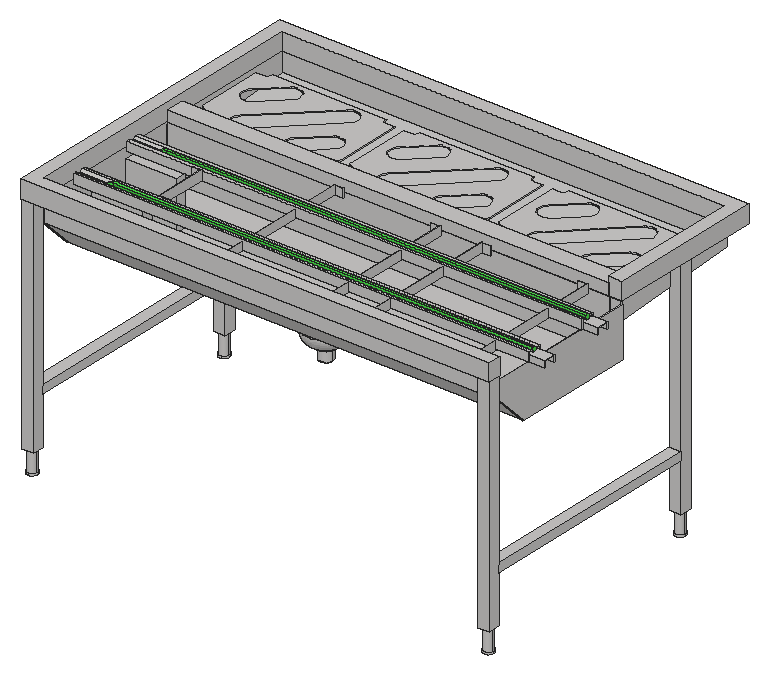
Revit family "QF_ELECTROLUXPROFESSIONAL_865473_HSAS3RL", category Specialty Equipment, Revit 2018
Family settings
  Round Connector Dimension = Use Diameter
  Part Type = Normal
  Work Plane-Based = No
  Always vertical = Yes
  Cut with Voids When Loaded = No
  Shared = No
  Room Calculation Point = No
Parameters (values of type "QF_ELECTROLUX_865473_HSAS3RL")
  Weight = 55.00 kg
  Watts = 0 W
  Volts = 0 V
  URL Manufacturer = "http://professional.electrolux.com"
  URL = "http://professional.electrolux.com"
  Steam Supply Size = 0 mm
  Steam Supply Minimum Pressure = 0.0 Pa
  Steam Supply Maximum Pressure = 0.0 Pa
  Steam Pounds per Hour = 0
  Refrigeration Suction Line Size = 0 mm
  Refrigeration Liquid Line Size = 0 mm
  Refrigerant Compressor Remote = yes
  Manufacturer = "Electrolux"
  Phase = 0
  Model = "HSAS3RL"
  Length Actual = 1620 mm  # constant formula
  Item Number = "865473"
  Hot Water Size = 0 mm
  Height Actual = 910 mm  # constant formula
  HP = "0 HP"
  Gas Size = 0 mm
  Gas KW = 0
  Gas Input Pressure = 0 W
  Description = "AUTOMATIC SORTING TABLE, 3 BASKETS, RIGHT>LEFT, 1620 MM "
  Depth Actual = 1110 mm  # constant formula
  Cycle = 0 Hz
  Condensate Return Size = 0 mm
  Compressed Air Volume = 0.0 L/s
  Compressed Air Size = 0 mm
  Compressed Air Pressure = 0.0 Pa
  Cold Water Size = 0 mm
  Accessory = yes
Reference planes
  plane 1: z = 0
  plane 2 "RIGHT": x = 300
  plane 3: z = 910
  plane 4: z = 0
  plane 5: z = 270
  plane 6 "BACK": y = 310
  plane 7 "FRONT": y = -810
  plane 8 "LEFT": x = -1320
  plane 9 "Center": y = 0
  plane 10: x = -510
  plane 11: y = -500
  plane 12: y = -594.393
  plane 13: y = -634.393
Forms (mm)
  Extrusion 1, solid, material "QF_Finishes_Stainless Steel"
    sketch origin (0, -500, 0) x (-1, 0, 0) y (0, -1, 0)
      loop
        line (1320, -810) -> (1320, 310) -> (-300, 310) -> (-300, 265) -> (1275, 265) -> (1275, -765) -> (-255, -765) -> (-255, -265) -> (-300, -265) -> (-300, -810) -> (1320, -810)
    from 850.091 to 910
  Extrusion 2, solid, material "QF_Finishes_Stainless Steel"
    sketch origin (0, -500, 0) x (0, -1, 0) y (0, 0, 1)
      loop
        line (-267.466, 666.943) -> (162.534, 666.943) -> (266.249, 772.13) -> (266.249, 850.091) -> (265, 850.091) -> (265, 775.136) -> (161.279, 669.943) -> (-265, 669.943) -> (-265, 850.091) -> (-267.466, 850.091) -> (-267.466, 666.943)
    from -297.022 to 1275
  Revolve 3, solid, material "QF_Finishes_Stainless Steel"
    sketch origin (-510, -500.526, -194.395) x (-1, 0, 0) y (0, 0, 1)
      loop
        line (76.494, 861.337) -> (0, 861.337) -> (0, 697.377) -> (21.946, 697.377) -> (23.47, 698.838) -> (23.47, 734.749) -> (37.25, 740.749) -> (37.25, 742.336) -> (38.457, 743.987) -> (38.457, 746.476)
        arc (38.457, 746.476) -> (65.844, 763.962) -> (76.494, 794.661) r 49.516
        line (76.494, 794.661) -> (76.494, 834.985)
        arc (76.494, 834.985) -> (75.887, 836.598) -> (74.377, 837.43) r 2.49
        arc (74.377, 837.43) -> (71.083, 841.301) -> (74.39, 845.16) r 3.913
        arc (74.39, 845.16) -> (75.89, 845.987) -> (76.494, 847.59) r 2.474
        line (76.494, 847.59) -> (76.494, 861.337)
      axis (0, 861.337) -> (0, 697.377)
    angle from 0 to 360
  Extrusion 4, solid, material "QF_Finishes_Stainless Steel"
    sketch origin (0, -500, 0) x (-1, 0, 0) y (0, -1, 0)
      loop
        line (-255, -330.124) -> (1275, -330.124) -> (1275, -265) -> (-255, -265) -> (-255, -330.124)
    from 850.091 to 888.506
  Extrusion 5, solid, material "QF_Finishes_Stainless Steel"
    sketch origin (6.015, -500, -632.691) x (-1, 0, 0) y (0, -1, 0)
      loop
        line (1283.015, 266.249) -> (1283.015, -521.738) -> (1323.015, -521.738) -> (1323.015, 266.249) -> (1283.015, 266.249)
    from 872.691 to 902.691
  Extrusion 6, solid, material "QF_Finishes_Stainless Steel"
    sketch origin (299.022, -500, 0) x (0, -1, 0) y (0, 0, -1)
      loop
        line (162.534, -666.943) -> (-267.466, -666.943) -> (-267.466, -836.936) -> (265, -836.936) -> (265, -850.091) -> (266.249, -850.091) -> (266.249, -772.13) -> (162.534, -666.943)
    from 0 to -2
  Extrusion 7, solid, material "QF_Finishes_Stainless Steel"
    sketch origin (-1023.978, -500.054, -628.981) x (1, 0, 0) y (0, 1, 0)
      loop
        line (1283, -266.195) -> (1323, -266.195) -> (1323, 521.792) -> (1283, 521.792) -> (1283, -266.195)
    from 869.081 to 898.981
  Extrusion 8, solid, material "QF_Finishes_Stainless Steel"
    sketch origin (-1277, -500, 0) x (0, -1, 0) y (0, 0, 1)
      loop
        line (162.534, 666.943) -> (266.249, 772.13) -> (266.249, 850.091) -> (265, 850.091) -> (-267.466, 850.091) -> (-267.466, 666.943) -> (162.534, 666.943)
    from 0 to -2
  Extrusion 9, solid, material "QF_Finishes_Stainless Steel"
    sketch origin (299.022, -500, 0) x (0, -1, 0) y (0, 0, -1)
      loop
        line (94.393, -836.936) -> (92.393, -836.936) -> (92.393, -858.936) -> (136.393, -858.936) -> (136.393, -836.936) -> (134.393, -836.936) -> (134.393, -856.936) -> (94.393, -856.936) -> (94.393, -836.936)
    from -1574.022 to 53.111
  Extrusion 10, solid, material "QF_Finishes_Stainless Steel"
    sketch origin (299.022, -500, 0) x (0, -1, 0) y (0, 0, -1)
      loop
        line (92.393, -836.936) -> (90.393, -836.936) -> (90.393, -868.936) -> (103.221, -868.936) -> (111.221, -860.936) -> (117.565, -860.936) -> (125.565, -868.936) -> (138.393, -868.936) -> (138.393, -836.936) -> (136.393, -836.936) -> (136.393, -866.936) -> (126.393, -866.936) -> (118.393, -858.936) -> (110.393, -858.936) -> (102.393, -866.936) -> (92.393, -866.936) -> (92.393, -836.936)
    from -1574.022 to 0.978
  Extrusion 11, solid, material "QF_Finishes_Stainless Steel"
    sketch origin (299.022, -270, 0) x (0, -1, 0) y (0, 0, -1)
      loop
        line (94.393, -836.936) -> (92.393, -836.936) -> (92.393, -858.936) -> (136.393, -858.936) -> (136.393, -836.936) -> (134.393, -836.936) -> (134.393, -856.936) -> (94.393, -856.936) -> (94.393, -836.936)
    from -1574.022 to 53.111
  Extrusion 12, solid, material "QF_Finishes_Stainless Steel"
    sketch origin (299.022, -270, 0) x (0, -1, 0) y (0, 0, -1)
      loop
        line (92.393, -836.936) -> (90.393, -836.936) -> (90.393, -868.936) -> (103.221, -868.936) -> (111.221, -860.936) -> (117.565, -860.936) -> (125.565, -868.936) -> (138.393, -868.936) -> (138.393, -836.936) -> (136.393, -836.936) -> (136.393, -866.936) -> (126.393, -866.936) -> (118.393, -858.936) -> (110.393, -858.936) -> (102.393, -866.936) -> (92.393, -866.936) -> (92.393, -836.936)
    from -1574.022 to 0.978
  Sweep 13, solid, material "QF_Finishes_Green"
    path origin (299.022, -390.58, 875.352) x (0, -0.0016, 0.999999) y (1, 0, 0)
      loop
        line (-6.295, 0.978) -> (-6.295, -1449.022)
        arc (-6.295, -1449.022) -> (-15.081, -1470.236) -> (-36.295, -1479.022) r 30
        line (-36.295, -1479.022) -> (-41.295, -1479.022)
    profile origin (-425, -390.569, 869.057) x (0, -0.0016, 0.999999) y (0, 0.999999, 0.0016)
      loop
        circle (-1.513, 6.483) r 6.399
  Sweep 14, solid, material "QF_Finishes_Green"
    path origin (299.022, -620.58, 875.352) x (0, -0.0016, 0.999999) y (1, 0, 0)
      loop
        line (-6.295, 0.978) -> (-6.295, -1449.022)
        arc (-6.295, -1449.022) -> (-15.081, -1470.236) -> (-36.295, -1479.022) r 30
        line (-36.295, -1479.022) -> (-41.295, -1479.022)
    profile origin (-425, -620.569, 869.057) x (0, -0.0016, 0.999999) y (0, 0.999999, 0.0016)
      loop
        circle (-1.513, 6.483) r 6.399
  Extrusion 15, solid, material "QF_Finishes_Stainless Steel"
    sketch origin (0, -500, 0) x (1, 0, 0) y (0, 1, 0)
      loop
        line (-662.58, 265) -> (-694.789, 265) -> (-694.789, -265) -> (-327.015, -265) -> (-327.015, 265) -> (-359.388, 265) -> (-359.388, 262) -> (-330.015, 262) -> (-330.015, -262) -> (-691.789, -262) -> (-691.789, 262) -> (-662.58, 262) -> (-662.58, 265)
    from 831.234 to 860.936
  Extrusion 16, solid, material "QF_Finishes_Stainless Steel"
    sketch origin (510, -500, 0) x (1, 0, 0) y (0, 1, 0)
      loop
        line (-662.58, 265) -> (-694.789, 265) -> (-694.789, -265) -> (-327.015, -265) -> (-327.015, 265) -> (-359.388, 265) -> (-359.388, 262) -> (-330.015, 262) -> (-330.015, -262) -> (-691.789, -262) -> (-691.789, 262) -> (-662.58, 262) -> (-662.58, 265)
    from 831.234 to 860.936
  Extrusion 17, solid, material "QF_Finishes_Stainless Steel"
    sketch origin (0, -500, 0) x (1, 0, 0) y (0, 1, 0)
      loop
        line (-1247.085, -53.571) -> (-1247.085, -90.393) -> (-1072.085, -90.393) -> (-1072.085, -53.571) -> (-1247.085, -53.571)
    from 669.943 to 836.936
  Extrusion 18, solid, material "QF_Finishes_Stainless Steel"
    sketch origin (0, -354.822, 0) x (1, 0, 0) y (0, 1, 0)
      loop
        line (-1247.085, -53.571) -> (-1247.085, -90.393) -> (-1072.085, -90.393) -> (-1072.085, -53.571) -> (-1247.085, -53.571)
    from 669.943 to 836.936
  Extrusion 19, solid, material "QF_Finishes_Stainless Steel"
    sketch origin (0, -500, 0) x (1, 0, 0) y (0, 1, 0)
      loop
        line (-1047.085, 91.607) -> (-1047.085, 88.607) -> (-1018.387, 88.607) -> (-1018.387, -90.393) -> (-987.085, -90.393) -> (-987.085, -87.393) -> (-1015.387, -87.393) -> (-1015.387, 91.607) -> (-1047.085, 91.607)
    from 836.936 to 868.936
  Extrusion 20, solid, material "QF_Finishes_Stainless Steel"
    sketch origin (299.022, -500, 0) x (0, -1, 0) y (0, 0, -1)
      loop
        line (-767.81, -850.091) -> (-765, -850.091) -> (-765, -784.859) -> (-270.466, -750.278) -> (-270.466, -850.091) -> (-267.466, -850.091) -> (-267.466, -747.061) -> (-767.81, -782.048) -> (-767.81, -850.091)
    from -1574.022 to -42
  Extrusion 21, solid, material "QF_Finishes_Stainless Steel"
    sketch origin (299.022, -500, 0) x (0, -1, 0) y (0, 0, -1)
      loop
        line (-767.81, -850.091) -> (-267.466, -850.091) -> (-267.466, -747.061) -> (-767.81, -782.048) -> (-767.81, -850.091)
    from -40 to -42
  Extrusion 22, solid, material "QF_Finishes_Stainless Steel"
    sketch origin (-1319.022, -500, 0) x (0, -1, 0) y (0, 0, 1)
      loop
        line (-767.81, 850.091) -> (-767.81, 782.048) -> (-267.466, 747.061) -> (-267.466, 850.091) -> (-767.81, 850.091)
    from -42.022 to -44.022
  Extrusion 23, solid, material "QF_Finishes_Stainless Steel"
    sketch origin (0, -500, 842.5) x (1, 0, 0) y (0, 1, 0)
      loop
        line (-1220.383, 339.221) -> (-825.383, 339.221) -> (-825.383, 389.221) -> (-795.383, 389.221)
        arc (-795.383, 389.221) -> (-784.776, 393.614) -> (-780.383, 404.221) r 15
        line (-780.383, 404.221) -> (-780.383, 634.221) -> (-810.383, 634.221)
        arc (-810.383, 634.221) -> (-820.989, 638.614) -> (-825.383, 649.221) r 15
        line (-825.383, 649.221) -> (-825.383, 654.221) -> (-1220.383, 654.221) -> (-1220.383, 644.221)
        arc (-1220.383, 644.221) -> (-1223.312, 637.149) -> (-1230.383, 634.221) r 10
        line (-1230.383, 634.221) -> (-1260.383, 634.221) -> (-1260.383, 409.221)
        arc (-1260.383, 409.221) -> (-1254.525, 395.078) -> (-1240.383, 389.221) r 20
        line (-1240.383, 389.221) -> (-1220.383, 389.221) -> (-1220.383, 339.221)
      loop
        arc (-1214.7, 558.44) -> (-1214.7, 505.407) -> (-1161.667, 505.407) r 37.5
        line (-1161.667, 505.407) -> (-1085.887, 581.188)
        arc (-1085.887, 581.188) -> (-1092.336, 627.771) -> (-1138.92, 634.221) r 38.966
        line (-1138.92, 634.221) -> (-1214.7, 558.44)
      loop
        arc (-1146.92, 425.368) -> (-1146.92, 372.335) -> (-1093.887, 372.335) r 37.5
        line (-1093.887, 372.335) -> (-883.322, 582.9)
        arc (-883.322, 582.9) -> (-895.135, 629.379) -> (-943.092, 629.196) r 38.966
        line (-943.092, 629.196) -> (-1146.92, 425.368)
      loop
        arc (-956.718, 418.538) -> (-956.718, 365.505) -> (-903.685, 365.505) r 37.5
        line (-903.685, 365.505) -> (-827.905, 441.286)
        arc (-827.905, 441.286) -> (-834.354, 487.869) -> (-880.938, 494.319) r 38.966
        line (-880.938, 494.319) -> (-956.718, 418.538)
    from 0 to 3
  Extrusion 24, solid, material "QF_Finishes_Stainless Steel"
    sketch origin (510, -500, 842.5) x (1, 0, 0) y (0, 1, 0)
      loop
        line (-1220.383, 339.221) -> (-825.383, 339.221) -> (-825.383, 389.221) -> (-795.383, 389.221)
        arc (-795.383, 389.221) -> (-784.776, 393.614) -> (-780.383, 404.221) r 15
        line (-780.383, 404.221) -> (-780.383, 634.221) -> (-810.383, 634.221)
        arc (-810.383, 634.221) -> (-820.989, 638.614) -> (-825.383, 649.221) r 15
        line (-825.383, 649.221) -> (-825.383, 654.221) -> (-1220.383, 654.221) -> (-1220.383, 644.221)
        arc (-1220.383, 644.221) -> (-1223.312, 637.149) -> (-1230.383, 634.221) r 10
        line (-1230.383, 634.221) -> (-1260.383, 634.221) -> (-1260.383, 409.221)
        arc (-1260.383, 409.221) -> (-1254.525, 395.078) -> (-1240.383, 389.221) r 20
        line (-1240.383, 389.221) -> (-1220.383, 389.221) -> (-1220.383, 339.221)
      loop
        arc (-1214.7, 558.44) -> (-1214.7, 505.407) -> (-1161.667, 505.407) r 37.5
        line (-1161.667, 505.407) -> (-1085.887, 581.188)
        arc (-1085.887, 581.188) -> (-1092.336, 627.771) -> (-1138.92, 634.221) r 38.966
        line (-1138.92, 634.221) -> (-1214.7, 558.44)
      loop
        arc (-1146.92, 425.368) -> (-1146.92, 372.335) -> (-1093.887, 372.335) r 37.5
        line (-1093.887, 372.335) -> (-883.322, 582.9)
        arc (-883.322, 582.9) -> (-895.135, 629.379) -> (-943.092, 629.196) r 38.966
        line (-943.092, 629.196) -> (-1146.92, 425.368)
      loop
        arc (-956.718, 418.538) -> (-956.718, 365.505) -> (-903.685, 365.505) r 37.5
        line (-903.685, 365.505) -> (-827.905, 441.286)
        arc (-827.905, 441.286) -> (-834.354, 487.869) -> (-880.938, 494.319) r 38.966
        line (-880.938, 494.319) -> (-956.718, 418.538)
    from 0 to 3
  Extrusion 25, solid, material "QF_Finishes_Stainless Steel"
    sketch origin (1025, -500, 842.5) x (1, 0, 0) y (0, 1, 0)
      loop
        line (-1220.383, 339.221) -> (-825.383, 339.221) -> (-825.383, 389.221) -> (-795.383, 389.221)
        arc (-795.383, 389.221) -> (-784.776, 393.614) -> (-780.383, 404.221) r 15
        line (-780.383, 404.221) -> (-780.383, 634.221) -> (-810.383, 634.221)
        arc (-810.383, 634.221) -> (-820.989, 638.614) -> (-825.383, 649.221) r 15
        line (-825.383, 649.221) -> (-825.383, 654.221) -> (-1220.383, 654.221) -> (-1220.383, 644.221)
        arc (-1220.383, 644.221) -> (-1223.312, 637.149) -> (-1230.383, 634.221) r 10
        line (-1230.383, 634.221) -> (-1260.383, 634.221) -> (-1260.383, 409.221)
        arc (-1260.383, 409.221) -> (-1254.525, 395.078) -> (-1240.383, 389.221) r 20
        line (-1240.383, 389.221) -> (-1220.383, 389.221) -> (-1220.383, 339.221)
      loop
        arc (-1214.7, 558.44) -> (-1214.7, 505.407) -> (-1161.667, 505.407) r 37.5
        line (-1161.667, 505.407) -> (-1085.887, 581.188)
        arc (-1085.887, 581.188) -> (-1092.336, 627.771) -> (-1138.92, 634.221) r 38.966
        line (-1138.92, 634.221) -> (-1214.7, 558.44)
      loop
        arc (-1146.92, 425.368) -> (-1146.92, 372.335) -> (-1093.887, 372.335) r 37.5
        line (-1093.887, 372.335) -> (-883.322, 582.9)
        arc (-883.322, 582.9) -> (-895.135, 629.379) -> (-943.092, 629.196) r 38.966
        line (-943.092, 629.196) -> (-1146.92, 425.368)
      loop
        arc (-956.718, 418.538) -> (-956.718, 365.505) -> (-903.685, 365.505) r 37.5
        line (-903.685, 365.505) -> (-827.905, 441.286)
        arc (-827.905, 441.286) -> (-834.354, 487.869) -> (-880.938, 494.319) r 38.966
        line (-880.938, 494.319) -> (-956.718, 418.538)
    from 0 to 3
Lines and regions (mm)
  Split face 1
    outline origin (-1275, -661.279, 669.943) x (1, 0, 0) y (0, 1, 0)
      loop
        circle (765, 161.279) r 76.496
  Split face 2
    outline origin (-1275, -661.279, 669.943) x (1, 0, 0) y (0, 1, 0)
      loop
        circle (765, 161.279) r 56.496
  Split face 3
    outline origin (-1275, -661.279, 669.943) x (1, 0, 0) y (0, 1, 0)
      loop
        circle (765, 161.279) r 36.496
  Split face 4
    outline origin (-1275, -661.279, 669.943) x (1, 0, 0) y (0, 1, 0)
      loop
        circle (765, 161.279) r 16.496
  symbolic lines
    curve 1: line (-1320, -810, 0) -> (300, -810, 0)
    curve 2: line (-1320, 310, 0) -> (-1320, -810, 0)
    curve 3: line (300, 310, 0) -> (-1320, 310, 0)
    curve 4: line (300, -810, 0) -> (300, 310, 0)
    curve 5: line (-1275, -765, 0) -> (300, -765, 0)
    curve 6: line (-1275, 265, 0) -> (-1275, -765, 0)
    curve 7: line (255, 265, 0) -> (-1275, 265, 0)
    curve 8: line (-1275, -235, 0) -> (300, -235, 0)
    curve 9: line (255, -169.876, 0) -> (-1275, -169.876, 0)
    curve 10: line (255, 265, 0) -> (255, -169.876, 0)
    curve 11: line (300, -500, 0) -> (270, -500, 0)
    curve 12: arc (-433.504, -500, 0) -> (-510, -423.504, 0) -> (-586.496, -500, 0) r 76.496
    curve 13: arc (-586.496, -500, 0) -> (-510, -576.496, 0) -> (-433.504, -500, 0) r 76.496
    curve 14: arc (-526.496, -500, 0) -> (-510, -483.504, 0) -> (-493.504, -500, 0) r 16.496
    curve 15: arc (-493.504, -500, 0) -> (-510, -516.496, 0) -> (-526.496, -500, 0) r 16.496
    curve 16: line (300, -638.393, 0) -> (-1275, -638.393, 0)
    curve 17: line (-1275, -590.393, 0) -> (300, -590.393, 0)
    curve 18: line (300, -408.393, 0) -> (-1275, -408.393, 0)
    curve 19: line (-1275, -360.393, 0) -> (300, -360.393, 0)
    curve 20: line (-1275, -625.565, 0) -> (300, -625.565, 0)
    curve 21: line (-1275, -603.221, 0) -> (300, -603.221, 0)
    curve 22: line (-1275, -395.565, 0) -> (300, -395.565, 0)
    curve 23: line (-1275, -373.221, 0) -> (300, -373.221, 0)
    curve 24: line (-694.789, -765, 0) -> (-694.789, -638.393, 0)
    curve 25: line (-694.789, -590.393, 0) -> (-694.789, -408.393, 0)
    curve 26: line (-694.789, -360.393, 0) -> (-694.789, -235, 0)
    curve 27: line (-662.58, -235, 0) -> (-662.58, -238, 0)
    curve 28: line (-662.58, -238, 0) -> (-691.789, -238, 0)
    curve 29: line (-691.789, -238, 0) -> (-691.789, -360.393, 0)
    curve 30: line (-691.789, -408.393, 0) -> (-691.789, -590.393, 0)
    curve 31: line (-691.789, -638.393, 0) -> (-691.789, -762, 0)
    curve 32: line (-691.789, -762, 0) -> (-330.015, -762, 0)
    curve 33: line (-330.015, -762, 0) -> (-330.015, -638.393, 0)
    curve 34: line (-330.015, -590.393, 0) -> (-330.015, -408.393, 0)
    curve 35: line (-330.015, -360.393, 0) -> (-330.015, -238, 0)
    curve 36: line (-330.015, -238, 0) -> (-359.388, -238, 0)
    curve 37: line (-359.388, -238, 0) -> (-359.388, -235, 0)
    curve 38: line (-327.015, -235, 0) -> (-327.015, -360.393, 0)
    curve 39: line (-327.015, -590.393, 0) -> (-327.015, -408.393, 0)
    curve 40: line (-327.015, -765, 0) -> (-327.015, -638.393, 0)
    curve 41: line (-184.789, -765, 0) -> (-184.789, -638.393, 0)
    curve 42: line (-184.789, -590.393, 0) -> (-184.789, -408.393, 0)
    curve 43: line (-184.789, -360.393, 0) -> (-184.789, -235, 0)
    curve 44: line (-152.58, -235, 0) -> (-152.58, -238, 0)
    curve 45: line (-152.58, -238, 0) -> (-181.789, -238, 0)
    curve 46: line (-181.789, -238, 0) -> (-181.789, -360.393, 0)
    curve 47: line (-181.789, -408.393, 0) -> (-181.789, -590.393, 0)
    curve 48: line (-181.789, -638.393, 0) -> (-181.789, -762, 0)
    curve 49: line (-181.789, -762, 0) -> (179.985, -762, 0)
    curve 50: line (179.985, -762, 0) -> (179.985, -638.393, 0)
    curve 51: line (179.985, -590.393, 0) -> (179.985, -408.393, 0)
    curve 52: line (179.985, -360.393, 0) -> (179.985, -238, 0)
    curve 53: line (179.985, -238, 0) -> (150.612, -238, 0)
    curve 54: line (150.612, -238, 0) -> (150.612, -235, 0)
    curve 55: line (182.985, -235, 0) -> (182.985, -360.393, 0)
    curve 56: line (182.985, -590.393, 0) -> (182.985, -408.393, 0)
    curve 57: line (182.985, -765, 0) -> (182.985, -638.393, 0)
    curve 58: line (-1247.085, -590.393, 0) -> (-1247.085, -553.571, 0)
    curve 59: line (-1247.085, -553.571, 0) -> (-1072.085, -553.571, 0)
    curve 60: line (-1072.085, -553.571, 0) -> (-1072.085, -590.393, 0)
    curve 61: line (-1247.085, -408.393, 0) -> (-1247.085, -445.215, 0)
    curve 62: line (-1247.085, -445.215, 0) -> (-1072.085, -445.215, 0)
    curve 63: line (-1072.085, -445.215, 0) -> (-1072.085, -408.393, 0)
    curve 64: line (-1047.085, -408.393, 0) -> (-1047.085, -411.393, 0)
    curve 65: line (-1047.085, -411.393, 0) -> (-1018.387, -411.393, 0)
    curve 66: line (-1018.387, -411.393, 0) -> (-1018.387, -590.393, 0)
    curve 67: line (-987.085, -590.393, 0) -> (-987.085, -587.393, 0)
    curve 68: line (-987.085, -587.393, 0) -> (-1015.387, -587.393, 0)
    curve 69: line (-1015.387, -587.393, 0) -> (-1015.387, -408.393, 0)
    curve 70: line (-1220.383, 154.221, 0) -> (-825.383, 154.221, 0)
    curve 71: line (-825.383, 154.221, 0) -> (-825.383, 149.221, 0)
    curve 72: arc (-825.383, 149.221, 0) -> (-820.989, 138.614, 0) -> (-810.383, 134.221, 0) r 15
    curve 73: line (-810.383, 134.221, 0) -> (-780.383, 134.221, 0)
    curve 74: line (-780.383, 134.221, 0) -> (-780.383, -95.779, 0)
    curve 75: arc (-780.383, -95.779, 0) -> (-784.776, -106.386, 0) -> (-795.383, -110.779, 0) r 15
    curve 76: line (-795.383, -110.779, 0) -> (-825.383, -110.779, 0)
    curve 77: line (-825.383, -110.779, 0) -> (-825.383, -160.779, 0)
    curve 78: line (-825.383, -160.779, 0) -> (-1220.383, -160.779, 0)
    curve 79: line (-1220.383, -160.779, 0) -> (-1220.383, -110.779, 0)
    curve 80: line (-1220.383, -110.779, 0) -> (-1240.383, -110.779, 0)
    curve 81: arc (-1240.383, -110.779, 0) -> (-1254.525, -104.922, 0) -> (-1260.383, -90.779, 0) r 20
    curve 82: line (-1260.383, -90.779, 0) -> (-1260.383, 134.221, 0)
    curve 83: line (-1260.383, 134.221, 0) -> (-1230.383, 134.221, 0)
    curve 84: arc (-1230.383, 134.221, 0) -> (-1223.312, 137.149, 0) -> (-1220.383, 144.221, 0) r 10
    curve 85: line (-1220.383, 144.221, 0) -> (-1220.383, 154.221, 0)
    curve 86: line (-1138.92, 134.221, 0) -> (-1214.7, 58.44, 0)
    curve 87: arc (-1214.7, 58.44, 0) -> (-1214.7, 5.407, 0) -> (-1161.667, 5.407, 0) r 37.5
    curve 88: line (-1161.667, 5.407, 0) -> (-1085.887, 81.188, 0)
    curve 89: arc (-1085.887, 81.188, 0) -> (-1092.336, 127.771, 0) -> (-1138.92, 134.221, 0) r 38.966
    curve 90: line (-943.092, 129.196, 0) -> (-1146.92, -74.632, 0)
    curve 91: arc (-1146.92, -74.632, 0) -> (-1146.92, -127.665, 0) -> (-1093.887, -127.665, 0) r 37.5
    curve 92: line (-1093.887, -127.665, 0) -> (-883.322, 82.9, 0)
    curve 93: arc (-883.322, 82.9, 0) -> (-895.135, 129.379, 0) -> (-943.092, 129.196, 0) r 38.966
    curve 94: line (-880.938, -5.681, 0) -> (-956.718, -81.462, 0)
    curve 95: arc (-956.718, -81.462, 0) -> (-956.718, -134.495, 0) -> (-903.685, -134.495, 0) r 37.5
    curve 96: line (-903.685, -134.495, 0) -> (-827.905, -58.714, 0)
    curve 97: arc (-827.905, -58.714, 0) -> (-834.354, -12.131, 0) -> (-880.938, -5.681, 0) r 38.966
    curve 98: line (-750.383, -90.779, 0) -> (-750.383, 134.221, 0)
    curve 99: line (-750.383, 134.221, 0) -> (-720.383, 134.221, 0)
    curve 100: arc (-720.383, 134.221, 0) -> (-713.312, 137.149, 0) -> (-710.383, 144.221, 0) r 10
    curve 101: line (-710.383, 144.221, 0) -> (-710.383, 154.221, 0)
    curve 102: line (-710.383, 154.221, 0) -> (-315.383, 154.221, 0)
    curve 103: line (-315.383, 154.221, 0) -> (-315.383, 149.221, 0)
    curve 104: arc (-315.383, 149.221, 0) -> (-310.989, 138.614, 0) -> (-300.383, 134.221, 0) r 15
    curve 105: line (-300.383, 134.221, 0) -> (-270.383, 134.221, 0)
    curve 106: line (-270.383, 134.221, 0) -> (-270.383, -95.779, 0)
    curve 107: arc (-270.383, -95.779, 0) -> (-274.776, -106.386, 0) -> (-285.383, -110.779, 0) r 15
    curve 108: line (-285.383, -110.779, 0) -> (-315.383, -110.779, 0)
    curve 109: line (-315.383, -110.779, 0) -> (-315.383, -160.779, 0)
    curve 110: line (-315.383, -160.779, 0) -> (-710.383, -160.779, 0)
    curve 111: line (-710.383, -160.779, 0) -> (-710.383, -110.779, 0)
    curve 112: line (-710.383, -110.779, 0) -> (-730.383, -110.779, 0)
    curve 113: arc (-730.383, -110.779, 0) -> (-744.525, -104.922, 0) -> (-750.383, -90.779, 0) r 20
    curve 114: line (-651.667, 5.407, 0) -> (-575.887, 81.188, 0)
    curve 115: arc (-575.887, 81.188, 0) -> (-582.336, 127.771, 0) -> (-628.92, 134.221, 0) r 38.966
    curve 116: line (-628.92, 134.221, 0) -> (-704.7, 58.44, 0)
    curve 117: arc (-704.7, 58.44, 0) -> (-704.7, 5.407, 0) -> (-651.667, 5.407, 0) r 37.5
    curve 118: line (-433.092, 129.196, 0) -> (-636.92, -74.632, 0)
    curve 119: arc (-636.92, -74.632, 0) -> (-636.92, -127.665, 0) -> (-583.887, -127.665, 0) r 37.5
    curve 120: line (-583.887, -127.665, 0) -> (-373.322, 82.9, 0)
    curve 121: arc (-373.322, 82.9, 0) -> (-385.135, 129.379, 0) -> (-433.092, 129.196, 0) r 38.966
    curve 122: line (-370.938, -5.681, 0) -> (-446.718, -81.462, 0)
    curve 123: arc (-446.718, -81.462, 0) -> (-446.718, -134.495, 0) -> (-393.685, -134.495, 0) r 37.5
    curve 124: line (-393.685, -134.495, 0) -> (-317.905, -58.714, 0)
    curve 125: arc (-317.905, -58.714, 0) -> (-324.354, -12.131, 0) -> (-370.938, -5.681, 0) r 38.966
    curve 126: line (-235.383, -90.779, 0) -> (-235.383, 134.221, 0)
    curve 127: line (-235.383, 134.221, 0) -> (-205.383, 134.221, 0)
    curve 128: arc (-205.383, 134.221, 0) -> (-198.312, 137.149, 0) -> (-195.383, 144.221, 0) r 10
    curve 129: line (-195.383, 144.221, 0) -> (-195.383, 154.221, 0)
    curve 130: line (-195.383, 154.221, 0) -> (199.617, 154.221, 0)
    curve 131: line (199.617, 154.221, 0) -> (199.617, 149.221, 0)
    curve 132: arc (199.617, 149.221, 0) -> (204.011, 138.614, 0) -> (214.617, 134.221, 0) r 15
    curve 133: line (214.617, 134.221, 0) -> (244.617, 134.221, 0)
    curve 134: line (244.617, 134.221, 0) -> (244.617, -95.779, 0)
    curve 135: arc (244.617, -95.779, 0) -> (240.224, -106.386, 0) -> (229.617, -110.779, 0) r 15
    curve 136: line (229.617, -110.779, 0) -> (199.617, -110.779, 0)
    curve 137: line (199.617, -110.779, 0) -> (199.617, -160.779, 0)
    curve 138: line (199.617, -160.779, 0) -> (-195.383, -160.779, 0)
    curve 139: line (-195.383, -160.779, 0) -> (-195.383, -110.779, 0)
    curve 140: line (-195.383, -110.779, 0) -> (-215.383, -110.779, 0)
    curve 141: arc (-215.383, -110.779, 0) -> (-229.525, -104.922, 0) -> (-235.383, -90.779, 0) r 20
    curve 142: line (-136.667, 5.407, 0) -> (-60.887, 81.188, 0)
    curve 143: arc (-60.887, 81.188, 0) -> (-67.336, 127.771, 0) -> (-113.92, 134.221, 0) r 38.966
    curve 144: line (-113.92, 134.221, 0) -> (-189.7, 58.44, 0)
    curve 145: arc (-189.7, 58.44, 0) -> (-189.7, 5.407, 0) -> (-136.667, 5.407, 0) r 37.5
    curve 146: line (81.908, 129.196, 0) -> (-121.92, -74.632, 0)
    curve 147: arc (-121.92, -74.632, 0) -> (-121.92, -127.665, 0) -> (-68.887, -127.665, 0) r 37.5
    curve 148: line (-68.887, -127.665, 0) -> (141.678, 82.9, 0)
    curve 149: arc (141.678, 82.9, 0) -> (129.865, 129.379, 0) -> (81.908, 129.196, 0) r 38.966
    curve 150: line (144.062, -5.681, 0) -> (68.282, -81.462, 0)
    curve 151: arc (68.282, -81.462, 0) -> (68.282, -134.495, 0) -> (121.315, -134.495, 0) r 37.5
    curve 152: line (121.315, -134.495, 0) -> (197.095, -58.714, 0)
    curve 153: arc (197.095, -58.714, 0) -> (190.646, -12.131, 0) -> (144.062, -5.681, 0) r 38.966
    curve 154: line (300, -636.393, 0) -> (352.133, -636.393, 0)
    curve 155: line (352.133, -636.393, 0) -> (352.133, -592.393, 0)
    curve 156: line (352.133, -592.393, 0) -> (300, -592.393, 0)
    curve 157: line (300, -406.393, 0) -> (352.133, -406.393, 0)
    curve 158: line (352.133, -406.393, 0) -> (352.133, -362.393, 0)
    curve 159: line (352.133, -362.393, 0) -> (300, -362.393, 0)
    curve 160: line (300, -607.675, 0) -> (-1165, -607.675, 0)
    curve 161: line (-1165, -620.486, 0) -> (300, -620.486, 0)
    curve 162: arc (-1165, -607.675, 0) -> (-1171.406, -614.08, 0) -> (-1165, -620.486, 0) r 6.406
    curve 163: line (300, -377.672, 0) -> (-1165, -377.672, 0)
    curve 164: line (-1165, -390.484, 0) -> (300, -390.484, 0)
    curve 165: arc (-1165, -377.672, 0) -> (-1171.406, -384.078, 0) -> (-1165, -390.484, 0) r 6.406
Dimensions and locks
  plane 3 to level = 910 mm
  plane 8 "LEFT" to plane 2 "RIGHT" = 1620 mm
  plane 6 "BACK" to plane 7 "FRONT" = 1120 mm
  plane 7 "FRONT" to plane 11 = 310 mm
  aligned and locked: level to plane 1
Nested families
  nested 1: "Foot_40x40" at (-1297, 41.738, 0), type "Foot_40x40"
    with A 850.091 mm
  nested 2: "Foot_40x40" at (-1297, -786.249, 0), type "Foot_40x40"
    with A 850.091 mm
  nested 3: "Foot_40x40" at (279.022, 41.738, 0) x (-1, 0, 0) z (0, 0, 1), type "Foot_40x40"
    with A 850.091 mm
  nested 4: "Foot_40x40" at (279.022, -786.249, 0) x (-1, 0, 0) z (0, 0, 1), type "Foot_40x40"
    with A 850.091 mm
Connectors
  piping at (-510, -500.526, 502.983), diameter 40
    settings: on Revolve 3, index 1, connector inside diameter 609.6 mm, connector length 0 mm, flow factor 0, pipe flow 0.0 L/s, pressure drop 0.0 Pa, fitting loss kfactor 0, connector angle 0.00°, fixture units 0, engagement length 0 mm, angle of deflection 0.00°, flow configuration 1, flow direction 2, fitting loss method 0, system type 7, joint type 0, gender type 0, connector reference index -1, connector utility 0, adjustable connector no, is connector primary yes, connector description "DRAIN"
Definition of nested family "Foot_40x40"
  Parameters
    A [instance] = 850 mm
  Reference planes
    plane 1 "Centro (Fronte/Retro)": y = 0
    plane 2: z = 0
    plane 3 "Centro (Sinistra/Destra)": x = 0
    plane 4: z = 850
  Forms (mm)
    Extrusion 1, solid
      sketch origin (0, 0, 0) x (1, 0, 0) y (0, 1, 0)
        loop
          circle (0, 0) r 18
      from 0 to 5
    Extrusion 2, solid
      sketch origin (0, 0, 5) x (1, 0, 0) y (0, 1, 0)
        loop
          circle (0, 0) r 15
      from 0 to 70
    Extrusion 3, solid
      sketch origin (0, 0, 75) x (1, 0, 0) y (0, 1, 0)
        loop
          line (-20, 20) -> (-20, -20) -> (20, -20) -> (20, 20) -> (-20, 20)
      from 0 to 775
  Dimensions and locks
    "A": plane 4 to plane 2
    aligned and locked: level to plane 2
    aligned and locked: plane 4 to Extrusion 3
    aligned and locked: Extrusion 1 to level
  Automatic sketch dimensions
    plane 1 "Centro (Fronte/Retro)" to Extrusion 1 sketch curve = 0 mm
    Extrusion 1 sketch curve to plane 3 "Centro (Sinistra/Destra)" = 0 mm
    Extrusion 3 sketch curve to Extrusion 3 sketch curve = 40 mm  (x2)
    radius of Extrusion 1 sketch curve = 18 mm
    radius of Extrusion 2 sketch curve to Extrusion 1 = 3 mm
